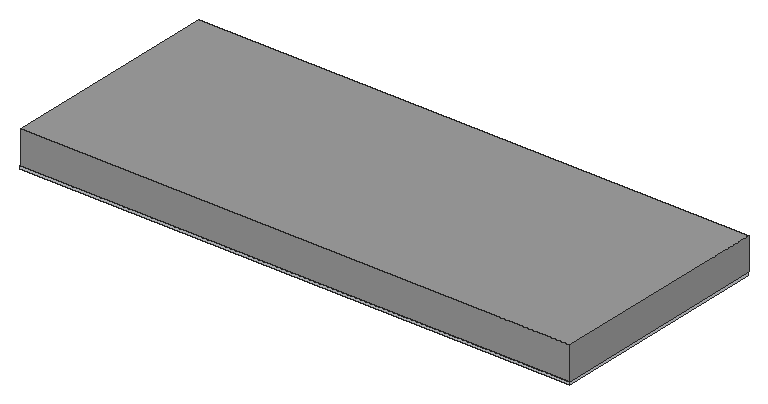
Revit family "Formula65 kombi LED Sentr.(takmontasje)", category Lighting Fixtures, Revit 2013
Parameters (values of type "MarkeringsLys (Venstre)")
  Width = 10 mm
  Wattage Comments = "17 W"
  Wattage = 9.2903 W
  built-in parameter 1150110 = 1 (stored number, unit not read)
  Voltage = 230 V
  URL = ""
  built-in parameter 1114217 = 1 (stored number, unit not read)
  Tilt Angle = 90.00°
  built-in parameter 1150109 = 1 (stored number, unit not read)
  built-in parameter 1150134 = 3
  Symbol Positive Direction [instance] = yes
  Symbol Offset Side [instance] = 0 mm
  Symbol Offset Out [instance] = 0 mm
  built-in parameter 1150113 = 1 (stored number, unit not read)
  Reference Line Out [instance] = 50 mm
  MarkeringsLys Venstre = yes
  MarkeringsLys Opp = no
  MarkeringsLys Ned = no
  MarkeringsLys 45 Opp mot venstre = no
  MarkeringsLys Høyre = no
  MarkeringsLys 45 Opp mot høyre = no
  MarkeringsLys 45 Ned mot venstre = no
  MarkeringsLys 45 Ned mot høyre = no
  ML = yes
  LedeLys = no
  Height = 152 mm
  Length = 375 mm
  Photometric Web File = "20x42A12.ies"
  Number of Poles = 1
  built-in parameter 1150105 = 109.82 (stored number, unit not read)
  Lumens = 1380 lm
  built-in parameter 1150115 = 1 (stored number, unit not read)
  Load Classification [instance] = Other
  Model = ""
  Manufacturer = ""
  built-in parameter 1150137 = (empty or 0)
  built-in parameter 1150139 = (empty or 0)
  built-in parameter 1150112 = 1 (stored number, unit not read)
  built-in parameter 1150114 = 1 (stored number, unit not read)
  Lamp = "1"
  built-in parameter 1150132 = (empty or 0)
  built-in parameter 1150102 = (empty or 0)
  built-in parameter 1150107 = 3200 (stored number, unit not read)
  built-in parameter 1150138 = (empty or 0)
  built-in parameter 1150106 = 1.0982 (stored number, unit not read)
  Emit from Rectangle Width = Height  # 152 mm
  Emit from Rectangle Length = Length  # 375 mm
  Emit Shape Visible in Rendering = no
  built-in parameter 1150104 = 13.8 (stored number, unit not read)
  Dimming Lamp Color Temperature Shift = <None>
  Description = ""
  Color Filter = 16777215
  Body Material and Colour = Default
  built-in parameter 1114218 = 1 (stored number, unit not read)
  built-in parameter 1150133 = 10 (stored number, unit not read)
  Assembly Code = ""
  Apparent Load = 17 VA
Types (9, lengths in mm): name | MarkeringsLys Venstre | MarkeringsLys Opp | MarkeringsLys Ned | MarkeringsLys 45 Opp mot venstre | MarkeringsLys Høyre | MarkeringsLys 45 Opp mot høyre | MarkeringsLys 45 Ned mot venstre | MarkeringsLys 45 Ned mot høyre | ML | LedeLys
  LedeLys | no | no | no | no | no | no | no | no | no | yes
  MarkeringsLys (Høyre) | no | no | no | no | yes | no | no | no | yes | no
  MarkeringsLys (Venstre) | yes | no | no | no | no | no | no | no | yes | no
  MarkeringsLys (45 Ned mot høyre) | no | no | no | no | no | no | no | yes | yes | no
  MarkeringsLys (45 Ned mot venstre) | no | no | no | no | no | no | yes | no | yes | no
  MarkeringsLys (45 Opp mot høyre) | no | no | no | no | no | yes | no | no | yes | no
  MarkeringsLys (45 Opp mot venstre) | no | no | no | yes | no | no | no | no | yes | no
  MarkeringsLys (Opp) | no | yes | no | no | no | no | no | no | yes | no
  MarkeringsLys (Ned) | no | no | yes | no | no | no | no | no | yes | no
Reference planes
  plane 1 "Light Source Axis (F/B)": y = 119.961
  plane 2 "Top": z = 83
  plane 3 "Light Source Axis (L/R)": x = 0
  plane 4 "Level": z = 0
  plane 5: x = -160
  plane 6: x = 160
  plane 7: y = 43.961
  plane 8: x = -187.5
  plane 9: y = 195.961
  plane 10: x = 187.5
  plane 11: z = -22.5
  plane 12: z = -24.5
Forms (mm)
  Extrusion 1, solid, material "Default" <- "Body Material and Colour"
    sketch origin (0, 0, 0) x (1, 0, 0) y (0, 1, 0)
      loop
        line (-187.5, 195.961) -> (-187.5, 43.961) -> (187.5, 43.961) -> (187.5, 195.961) -> (-187.5, 195.961)
    from -22.5 to 0
  Extrusion 2, solid
    sketch origin (0, 0, 0) x (1, 0, 0) y (0, 1, 0)
      loop
        line (-187.5, 195.961) -> (-187.5, 43.961) -> (187.5, 43.961) -> (187.5, 195.961) -> (-187.5, 195.961)
      loop
        line (160, 189.961) -> (-160, 189.961) -> (-160, 49.961) -> (160, 49.961) -> (160, 189.961)
    from -24.5 to -22.5
Lines and regions (mm)
  model lines, style "InvisibleLines"
    curve 1: line (0, 119.961, 0) -> (0, 169.961, 0)
Dimensions and locks
  equal spacing: plane 5, plane 3 "Light Source Axis (L/R)", plane 6
  locked: plane 5 to plane 6 at 320
  "Reference Line Out": plane 1 "Light Source Axis (F/B)" to curve 1
  equal spacing: plane 8, plane 3 "Light Source Axis (L/R)", plane 10
  "Length": plane 8 to plane 10
  equal spacing: plane 9, plane 1 "Light Source Axis (F/B)", plane 7
  "Height": plane 9 to plane 7
  locked: plane 4 "Level" to plane 11 at 22.5
  locked: plane 11 to plane 12 at 2
  aligned and locked: plane 4 "Level" to level
  aligned and locked: plane 3 "Light Source Axis (L/R)" to nested 1
  aligned and locked: plane 1 "Light Source Axis (F/B)" to nested 1
  aligned and locked: imposter light to plane 3 "Light Source Axis (L/R)"
  aligned and locked: plane 1 "Light Source Axis (F/B)" to curve 1
  aligned and locked: plane 3 "Light Source Axis (L/R)" to curve 1
  aligned and locked: Extrusion 1 sketch curve to plane 9
  aligned and locked: plane 8 to Extrusion 1 sketch curve
  aligned and locked: plane 7 to Extrusion 1 sketch curve
  aligned and locked: Extrusion 1 sketch curve to plane 10
  aligned and locked: Extrusion 1 to plane 11
  aligned and locked: Extrusion 1 to plane 4 "Level"
  aligned and locked: Extrusion 2 sketch curve to plane 9
  aligned and locked: Extrusion 2 sketch curve to plane 8
  aligned and locked: Extrusion 2 sketch curve to plane 10
  aligned and locked: Extrusion 2 sketch curve to plane 7
  aligned and locked: plane 11 to Extrusion 2
  aligned and locked: Extrusion 2 to plane 12
  aligned and locked: imposter light to plane 12
  aligned and locked: imposter light to plane 1 "Light Source Axis (F/B)"
  aligned and locked: plane 3 "Light Source Axis (L/R)" to nested 2
  aligned and locked: plane 1 "Light Source Axis (F/B)" to nested 2
  aligned and locked: plane 11 to nested 4
  aligned and locked: plane 11 to nested 3
  aligned and locked: plane 11 to nested 5
  aligned and locked: plane 11 to nested 6
  aligned and locked: plane 11 to nested 7
  aligned and locked: plane 11 to nested 8
  aligned and locked: plane 11 to nested 9
  aligned and locked: plane 11 to nested 10
  aligned and locked: nested 9 to plane 1 "Light Source Axis (F/B)"
  aligned and locked: nested 9 to plane 3 "Light Source Axis (L/R)"
  aligned and locked: nested 8 to plane 1 "Light Source Axis (F/B)"
  aligned and locked: nested 8 to plane 3 "Light Source Axis (L/R)"
  aligned and locked: nested 10 to plane 1 "Light Source Axis (F/B)"
  aligned and locked: nested 10 to plane 3 "Light Source Axis (L/R)"
  aligned and locked: nested 7 to plane 1 "Light Source Axis (F/B)"
  aligned and locked: nested 7 to plane 3 "Light Source Axis (L/R)"
  aligned and locked: nested 3 to plane 1 "Light Source Axis (F/B)"
  aligned and locked: nested 3 to plane 3 "Light Source Axis (L/R)"
  aligned and locked: nested 5 to plane 1 "Light Source Axis (F/B)"
  aligned and locked: nested 5 to plane 3 "Light Source Axis (L/R)"
  aligned and locked: nested 6 to plane 1 "Light Source Axis (F/B)"
  aligned and locked: nested 6 to plane 3 "Light Source Axis (L/R)"
  aligned and locked: nested 4 to plane 1 "Light Source Axis (F/B)"
  aligned and locked: nested 4 to plane 3 "Light Source Axis (L/R)"
Automatic sketch dimensions
  Extrusion 2 sketch curve to plane 5 = 0 mm
  Extrusion 2 sketch curve to plane 6 = 0 mm
  plane 7 to Extrusion 2 sketch curve = 6 mm
  Extrusion 2 sketch curve to plane 9 = 6 mm
Nested families
  nested 1: "LedelysS" at (0, 119.961, 0), visible <- "LedeLys", type "Type 1"
  nested 2: "MarkeringslysS" at (0, 119.961, 0), visible <- "ML", type "Type 1"
  nested 3: "Formula 65_venstre tak" at (0, 119.961, -22.5) x (-1, 0, 0) z (0, 0, 1), type "Formula 65"
  nested 4: "Formula 65_høyre tak" at (0, 119.961, -22.5) x (-1, 0, 0) z (0, 0, 1), type "Formula 65"
  nested 5: "Formula 65_ned tak" at (0, 119.961, -22.5) x (-1, 0, 0) z (0, 0, 1), type "Formula 65"
  nested 6: "Formula 65_opp tak" at (0, 119.961, -22.5) x (-1, 0, 0) z (0, 0, 1), type "Formula 65"
  nested 7: "Formula 65_skrått 45 grader opp mot høyre tak" at (0, 119.961, -22.5) x (-1, 0, 0) z (0, 0, 1), type "Formula 65"
  nested 8: "Formula 65_skrått 45 grader ned mot høyre tak" at (0, 119.961, -22.5) x (-1, 0, 0) z (0, 0, 1), type "Formula 65"
  nested 9: "Formula 65_skrått 45 grader ned mot venstre tak" at (0, 119.961, -22.5) x (-1, 0, 0) z (0, 0, 1), type "Formula 65"
  nested 10: "Formula 65_skrått 45 grader opp mot venstre tak" at (0, 119.961, -22.5) x (-1, 0, 0) z (0, 0, 1), type "Formula 65"
Connectors
  electrical at (0, 119.961, 0), driven by "Number of Poles", driven by "Load Classification", driven by "Voltage", driven by "Apparent Load"
    settings: on Extrusion 1, index 1, voltage 230 V, apparent load 0 VA, apparent load phase1 17 VA, apparent load phase2 0 VA, apparent load phase3 0 VA, power factor 1, load classification "Other", number of poles 1, system type 31, power factor state 1, is connector primary yes, connector utility no, sub classification motor no, connector description ""
Definition of nested family "Formula 65_venstre tak"
  Parameters (values of type "Formula 65")
    L = 205 mm
    Venstre = yes
    H = 135 mm
  Reference planes
    plane 1 "Center (Front/Back)": y = 0
    plane 2: z = 0
    plane 3 "Center (Left/Right)": x = 0
    plane 4: z = -18.775
  Forms (mm)
    Extrusion 1, solid, material "Green", visible <- "Venstre"
      sketch origin (-453.48, -246.5, -2) x (0, 1, 0) y (-1, 0, 0)
        loop
          line (316.5, -293.48) -> (176.5, -293.48) -> (176.5, -613.48) -> (316.5, -613.48) -> (316.5, -293.48)
        loop
          line (220.604, -549.888) -> (246.5, -575.784) -> (272.396, -549.888) -> (272.396, -534.35) -> (254.269, -552.477) -> (254.269, -475.784) -> (238.731, -475.784) -> (238.731, -552.477) -> (220.604, -534.35) -> (220.604, -549.888)
        loop
          circle (291.37, -412.087) r 8.367
        loop
          line (276.653, -405.234) -> (282.281, -398.528) -> (274.454, -358.336) -> (258.942, -348.262)
          arc (258.942, -348.262) -> (257.198, -347.939) -> (255.736, -348.943) r 2.318
          line (255.736, -348.943) -> (253.998, -351.62)
          arc (253.998, -351.62) -> (253.688, -353.423) -> (254.783, -354.889) r 2.318
          line (254.783, -354.889) -> (267.323, -362.129) -> (271.237, -382.229) -> (237.542, -362.775) -> (237.542, -342.732)
          arc (237.542, -342.732) -> (236.411, -340.001) -> (233.68, -338.869) r 3.863
          line (233.68, -338.869) -> (229.817, -338.869)
          arc (229.817, -338.869) -> (227.086, -340.001) -> (225.955, -342.732) r 3.863
          line (225.955, -342.732) -> (225.955, -382.846) -> (236.644, -389.017) -> (230.107, -396.807) -> (198.633, -396.807)
          arc (198.633, -396.807) -> (195.901, -397.939) -> (194.77, -400.67) r 3.863
          line (194.77, -400.67) -> (194.77, -404.532)
          arc (194.77, -404.532) -> (195.901, -407.264) -> (198.633, -408.395) r 3.863
          line (198.633, -408.395) -> (235.51, -408.395) -> (246.833, -394.9) -> (257.023, -400.783) -> (246.243, -413.631)
          arc (246.243, -413.631) -> (245.709, -415.323) -> (246.528, -416.896) r 2.318
          line (246.528, -416.896) -> (248.895, -418.882)
          arc (248.895, -418.882) -> (250.587, -419.416) -> (252.16, -418.597) r 2.318
          line (252.16, -418.597) -> (263.817, -404.705) -> (272.29, -409.597) -> (276.653, -405.234)
      from 0 to 2
  Dimensions and locks
    Extrusion 1 to Extrusion 1 = 140 mm
    aligned and locked: level to plane 2
Definition of nested family "LedelysS"
  Parameters (values of type "Type 1")
    CQ Symbol Positive Direction = yes
    CQ Symbol Negative Direction = not(CQ Symbol Positive Direction)  # no
    CQ Symbol Offset Side = 0 mm
    CQ Symbol Offset Out = 0 mm
  Reference planes
    plane 1: y = 0
    plane 2: x = 0
  Dimensions and locks
    "CQ Symbol Offset Out": plane 1 to nested 1
    "CQ Symbol Offset Out": plane 1 to nested 2
    "CQ Symbol Offset Side": plane 2 to nested 2
    "CQ Symbol Offset Side": nested 1 to plane 2
  Nested families
    nested 1: "LedelysSub" at (0, 0, 0), visible <- "CQ Symbol Negative Direction", type "Type 1"
    nested 2: "LedelysSub" at (0, 0, 0), visible <- "CQ Symbol Positive Direction", type "Type 1"
  Definition of nested family "LedelysSub"
    Reference planes
      plane 1: y = 0
      plane 2: x = 0
    Lines and regions (mm)
      detail lines
        curve 1: line (-4, -2, 0) -> (4, -2, 0)
        curve 2: line (4, -2, 0) -> (4, 2, 0)
        curve 3: line (4, 2, 0) -> (-4, 2, 0)
        curve 4: line (-4, 2, 0) -> (-4, -2, 0)
        curve 5: line (-3.097, -1.25, 0) -> (-0.597, 1.25, 0)
        curve 6: line (-3.097, 1.25, 0) -> (-0.597, -1.25, 0)
        curve 7: circle (-1.847, 0, 0) r 1.2 normal (0, 0, 1)
    Text (mm)
      text "LL" at (2.179, 1.025, 0)
Definition of nested family "MarkeringslysS"
  Parameters (values of type "Type 1")
    CQ Symbol Positive Direction = yes
    CQ Symbol Negative Direction = not(CQ Symbol Positive Direction)  # no
    CQ Symbol Offset Side = 0 mm
    CQ Symbol Offset Out = 0 mm
  Reference planes
    plane 1: y = 0
    plane 2: x = 0
  Dimensions and locks
    "CQ Symbol Offset Out": plane 1 to nested 1
    "CQ Symbol Offset Out": plane 1 to nested 2
    "CQ Symbol Offset Side": plane 2 to nested 2
    "CQ Symbol Offset Side": nested 1 to plane 2
  Nested families
    nested 1: "MarkeringslysSub" at (0, 0, 0), visible <- "CQ Symbol Negative Direction", type "Type 1"
    nested 2: "MarkeringslysSub" at (0, 0, 0), visible <- "CQ Symbol Positive Direction", type "Type 1"
  Definition of nested family "MarkeringslysSub"
    Reference planes
      plane 1: y = 0
      plane 2: x = 0
    Lines and regions (mm)
      Filled region 1, type "Filled region 1"
        outline origin (64.576, 51.459, 0) x (1, 0, 0) y (0, 1, 0)
          loop
            arc (-65.575, -52.307) -> (-65.224, -51.459) -> (-65.575, -50.61) r 1.2
            line (-65.575, -50.61) -> (-66.424, -51.459) -> (-65.575, -52.307)
      Filled region 2, type "Filled region 1"
        outline origin (-68.271, 51.459, 0) x (0, 1, 0) y (-1, 0, 0)
          loop
            line (-52.307, -65.575) -> (-51.459, -66.424) -> (-50.61, -65.575)
            arc (-50.61, -65.575) -> (-51.459, -65.224) -> (-52.307, -65.575) r 1.2
      detail lines
        curve 1: line (-4, -2, 0) -> (4, -2, 0)
        curve 2: line (4, -2, 0) -> (4, 2, 0)
        curve 3: line (4, 2, 0) -> (-4, 2, 0)
        curve 4: line (-4, 2, 0) -> (-4, -2, 0)
        curve 5: line (-3.097, -1.25, 0) -> (-0.597, 1.25, 0)
        curve 6: line (-3.097, 1.25, 0) -> (-0.597, -1.25, 0)
        curve 7: circle (-1.847, 0, 0) r 1.2 normal (0, 0, 1)
    Text (mm)
      text "ML" at (2.179, 1.025, 0)
    Dimensions and locks
      aligned and locked: Filled region 1 sketch curve to curve 7
Definition of nested family "Formula 65_høyre tak"
  Parameters (values of type "Formula 65")
    Høyre = no
    L = 205 mm
    H = 135 mm
  Reference planes
    plane 1 "Center (Front/Back)": y = 0
    plane 2: z = 0
    plane 3 "Center (Left/Right)": x = 0
    plane 4: z = -18.775
  Forms (mm)
    Extrusion 1, solid, material "Green", visible <- "Høyre"
      sketch origin (-453.48, -246.5, -2) x (0, 1, 0) y (-1, 0, 0)
        loop
          line (316.5, -293.48) -> (176.5, -293.48) -> (176.5, -613.48) -> (316.5, -613.48) -> (316.5, -293.48)
        loop
          line (220.604, -357.071) -> (220.604, -372.609) -> (238.731, -354.482) -> (238.731, -431.175) -> (254.269, -431.175) -> (254.269, -354.482) -> (272.396, -372.609) -> (272.396, -357.071) -> (246.5, -331.175) -> (220.604, -357.071)
        loop
          circle (291.37, -494.872) r 8.367
        loop
          line (276.653, -501.725) -> (272.29, -497.362) -> (263.817, -502.254) -> (252.16, -488.362)
          arc (252.16, -488.362) -> (250.587, -487.543) -> (248.895, -488.077) r 2.318
          line (248.895, -488.077) -> (246.528, -490.063)
          arc (246.528, -490.063) -> (245.709, -491.636) -> (246.243, -493.328) r 2.318
          line (246.243, -493.328) -> (257.023, -506.176) -> (246.833, -512.059) -> (235.51, -498.564) -> (198.633, -498.564)
          arc (198.633, -498.564) -> (195.901, -499.696) -> (194.77, -502.427) r 3.863
          line (194.77, -502.427) -> (194.77, -506.289)
          arc (194.77, -506.289) -> (195.901, -509.021) -> (198.633, -510.152) r 3.863
          line (198.633, -510.152) -> (230.107, -510.152) -> (236.644, -517.942) -> (225.955, -524.113) -> (225.955, -564.227)
          arc (225.955, -564.227) -> (227.086, -566.958) -> (229.817, -568.09) r 3.863
          line (229.817, -568.09) -> (233.68, -568.09)
          arc (233.68, -568.09) -> (236.411, -566.958) -> (237.542, -564.227) r 3.863
          line (237.542, -564.227) -> (237.542, -544.184) -> (271.237, -524.73) -> (267.323, -544.83) -> (254.783, -552.07)
          arc (254.783, -552.07) -> (253.688, -553.536) -> (253.998, -555.339) r 2.318
          line (253.998, -555.339) -> (255.736, -558.016)
          arc (255.736, -558.016) -> (257.198, -559.02) -> (258.942, -558.697) r 2.318
          line (258.942, -558.697) -> (274.454, -548.623) -> (282.281, -508.431) -> (276.653, -501.725)
      from 0 to 2
  Dimensions and locks
    Extrusion 1 to Extrusion 1 = 140 mm
    aligned and locked: level to plane 2
Definition of nested family "Formula 65_ned tak"
  Parameters (values of type "Formula 65")
    Ned = no
    L = 205 mm
    H = 135 mm
  Reference planes
    plane 1 "Center (Front/Back)": y = 0
    plane 2: z = 0
    plane 3 "Center (Left/Right)": x = 0
    plane 4: z = -18.775
  Forms (mm)
    Extrusion 1, solid, material "Green", visible <- "Ned"
      sketch origin (-453.48, -246.5, -2) x (0, 1, 0) y (-1, 0, 0)
        loop
          line (316.5, -293.48) -> (176.5, -293.48) -> (176.5, -613.48) -> (316.5, -613.48) -> (316.5, -293.48)
        loop
          line (222.396, -507.583) -> (196.5, -533.48) -> (222.396, -559.376) -> (237.934, -559.376) -> (219.807, -541.248) -> (296.5, -541.248) -> (296.5, -525.711) -> (219.807, -525.711) -> (237.934, -507.583) -> (222.396, -507.583)
        loop
          circle (291.37, -412.087) r 8.367
        loop
          line (276.653, -405.234) -> (282.281, -398.528) -> (274.454, -358.336) -> (258.942, -348.262)
          arc (258.942, -348.262) -> (257.198, -347.939) -> (255.736, -348.943) r 2.318
          line (255.736, -348.943) -> (253.998, -351.62)
          arc (253.998, -351.62) -> (253.688, -353.423) -> (254.783, -354.889) r 2.318
          line (254.783, -354.889) -> (267.323, -362.129) -> (271.237, -382.229) -> (237.542, -362.775) -> (237.542, -342.732)
          arc (237.542, -342.732) -> (236.411, -340.001) -> (233.68, -338.869) r 3.863
          line (233.68, -338.869) -> (229.817, -338.869)
          arc (229.817, -338.869) -> (227.086, -340.001) -> (225.955, -342.732) r 3.863
          line (225.955, -342.732) -> (225.955, -382.846) -> (236.644, -389.017) -> (230.107, -396.807) -> (198.633, -396.807)
          arc (198.633, -396.807) -> (195.901, -397.939) -> (194.77, -400.67) r 3.863
          line (194.77, -400.67) -> (194.77, -404.532)
          arc (194.77, -404.532) -> (195.901, -407.264) -> (198.633, -408.395) r 3.863
          line (198.633, -408.395) -> (235.51, -408.395) -> (246.833, -394.9) -> (257.023, -400.783) -> (246.243, -413.631)
          arc (246.243, -413.631) -> (245.709, -415.323) -> (246.528, -416.896) r 2.318
          line (246.528, -416.896) -> (248.895, -418.882)
          arc (248.895, -418.882) -> (250.587, -419.416) -> (252.16, -418.597) r 2.318
          line (252.16, -418.597) -> (263.817, -404.705) -> (272.29, -409.597) -> (276.653, -405.234)
      from 0 to 2
  Dimensions and locks
    Extrusion 1 to Extrusion 1 = 140 mm
    aligned and locked: level to plane 2
Definition of nested family "Formula 65_opp tak"
  Parameters (values of type "Formula 65")
    Opp = no
    L = 205 mm
    H = 135 mm
  Reference planes
    plane 1 "Center (Front/Back)": y = 0
    plane 2: z = 0
    plane 3 "Center (Left/Right)": x = 0
    plane 4: z = -18.775
  Forms (mm)
    Extrusion 1, solid, material "Green", visible <- "Opp"
      sketch origin (-453.48, -246.5, -2) x (0, 1, 0) y (-1, 0, 0)
        loop
          line (316.5, -293.48) -> (176.5, -293.48) -> (176.5, -613.48) -> (316.5, -613.48) -> (316.5, -293.48)
        loop
          circle (291.37, -412.087) r 8.367
        loop
          line (276.653, -405.234) -> (282.281, -398.528) -> (274.454, -358.336) -> (258.942, -348.262)
          arc (258.942, -348.262) -> (257.198, -347.939) -> (255.736, -348.943) r 2.318
          line (255.736, -348.943) -> (253.998, -351.62)
          arc (253.998, -351.62) -> (253.688, -353.423) -> (254.783, -354.889) r 2.318
          line (254.783, -354.889) -> (267.323, -362.129) -> (271.237, -382.229) -> (237.542, -362.775) -> (237.542, -342.732)
          arc (237.542, -342.732) -> (236.411, -340.001) -> (233.68, -338.869) r 3.863
          line (233.68, -338.869) -> (229.817, -338.869)
          arc (229.817, -338.869) -> (227.086, -340.001) -> (225.955, -342.732) r 3.863
          line (225.955, -342.732) -> (225.955, -382.846) -> (236.644, -389.017) -> (230.107, -396.807) -> (198.633, -396.807)
          arc (198.633, -396.807) -> (195.901, -397.939) -> (194.77, -400.67) r 3.863
          line (194.77, -400.67) -> (194.77, -404.532)
          arc (194.77, -404.532) -> (195.901, -407.264) -> (198.633, -408.395) r 3.863
          line (198.633, -408.395) -> (235.51, -408.395) -> (246.833, -394.9) -> (257.023, -400.783) -> (246.243, -413.631)
          arc (246.243, -413.631) -> (245.709, -415.323) -> (246.528, -416.896) r 2.318
          line (246.528, -416.896) -> (248.895, -418.882)
          arc (248.895, -418.882) -> (250.587, -419.416) -> (252.16, -418.597) r 2.318
          line (252.16, -418.597) -> (263.817, -404.705) -> (272.29, -409.597) -> (276.653, -405.234)
        loop
          line (270.604, -507.583) -> (255.066, -507.583) -> (273.193, -525.711) -> (196.5, -525.711) -> (196.5, -541.248) -> (273.193, -541.248) -> (255.066, -559.376) -> (270.604, -559.376) -> (296.5, -533.48) -> (270.604, -507.583)
      from 0 to 2
  Dimensions and locks
    Extrusion 1 to Extrusion 1 = 140 mm
    aligned and locked: level to plane 2
Definition of nested family "Formula 65_skrått 45 grader opp mot høyre tak"
  Parameters (values of type "Formula 65")
    45 opp mot høyre = no
    L = 205 mm
    H = 135 mm
  Reference planes
    plane 1 "Center (Front/Back)": y = 0
    plane 2: z = 0
    plane 3 "Center (Left/Right)": x = 0
    plane 4: z = -18.775
  Forms (mm)
    Extrusion 1, solid, material "Green", visible <- "45 opp mot høyre"
      sketch origin (-453.48, -246.5, -2) x (0, 1, 0) y (-1, 0, 0)
        loop
          line (316.5, -293.48) -> (176.5, -293.48) -> (176.5, -613.48) -> (316.5, -613.48) -> (316.5, -293.48)
        loop
          line (245.232, -333.32) -> (234.245, -344.307) -> (259.882, -344.307) -> (205.651, -398.537) -> (216.638, -409.524) -> (270.868, -355.294) -> (270.868, -380.93) -> (281.855, -369.943) -> (281.855, -333.32) -> (245.232, -333.32)
        loop
          circle (291.37, -494.872) r 8.367
        loop
          line (276.653, -501.725) -> (272.29, -497.362) -> (263.817, -502.254) -> (252.16, -488.362)
          arc (252.16, -488.362) -> (250.587, -487.543) -> (248.895, -488.077) r 2.318
          line (248.895, -488.077) -> (246.528, -490.063)
          arc (246.528, -490.063) -> (245.709, -491.636) -> (246.243, -493.328) r 2.318
          line (246.243, -493.328) -> (257.023, -506.176) -> (246.833, -512.059) -> (235.51, -498.564) -> (198.633, -498.564)
          arc (198.633, -498.564) -> (195.901, -499.696) -> (194.77, -502.427) r 3.863
          line (194.77, -502.427) -> (194.77, -506.289)
          arc (194.77, -506.289) -> (195.901, -509.021) -> (198.633, -510.152) r 3.863
          line (198.633, -510.152) -> (230.107, -510.152) -> (236.644, -517.942) -> (225.955, -524.113) -> (225.955, -564.227)
          arc (225.955, -564.227) -> (227.086, -566.958) -> (229.817, -568.09) r 3.863
          line (229.817, -568.09) -> (233.68, -568.09)
          arc (233.68, -568.09) -> (236.411, -566.958) -> (237.542, -564.227) r 3.863
          line (237.542, -564.227) -> (237.542, -544.184) -> (271.237, -524.73) -> (267.323, -544.83) -> (254.783, -552.07)
          arc (254.783, -552.07) -> (253.688, -553.536) -> (253.998, -555.339) r 2.318
          line (253.998, -555.339) -> (255.736, -558.016)
          arc (255.736, -558.016) -> (257.198, -559.02) -> (258.942, -558.697) r 2.318
          line (258.942, -558.697) -> (274.454, -548.623) -> (282.281, -508.431) -> (276.653, -501.725)
      from 0 to 2
  Dimensions and locks
    Extrusion 1 to Extrusion 1 = 140 mm
    aligned and locked: level to plane 2
Definition of nested family "Formula 65_skrått 45 grader ned mot høyre tak"
  Parameters (values of type "Formula 65")
    45 ned mot høyre = no
    L = 205 mm
    H = 135 mm
  Reference planes
    plane 1 "Center (Front/Back)": y = 0
    plane 2: z = 0
    plane 3 "Center (Left/Right)": x = 0
    plane 4: z = -18.775
  Forms (mm)
    Extrusion 1, solid, material "Green", visible <- "45 ned mot høyre"
      sketch origin (-453.48, -246.5, -2) x (0, 1, 0) y (-1, 0, 0)
        loop
          line (316.5, -293.48) -> (176.5, -293.48) -> (176.5, -613.48) -> (316.5, -613.48) -> (316.5, -293.48)
        loop
          circle (291.37, -494.872) r 8.367
        loop
          line (276.653, -501.725) -> (272.29, -497.362) -> (263.817, -502.254) -> (252.16, -488.362)
          arc (252.16, -488.362) -> (250.587, -487.543) -> (248.895, -488.077) r 2.318
          line (248.895, -488.077) -> (246.528, -490.063)
          arc (246.528, -490.063) -> (245.709, -491.636) -> (246.243, -493.328) r 2.318
          line (246.243, -493.328) -> (257.023, -506.176) -> (246.833, -512.059) -> (235.51, -498.564) -> (198.633, -498.564)
          arc (198.633, -498.564) -> (195.901, -499.696) -> (194.77, -502.427) r 3.863
          line (194.77, -502.427) -> (194.77, -506.289)
          arc (194.77, -506.289) -> (195.901, -509.021) -> (198.633, -510.152) r 3.863
          line (198.633, -510.152) -> (230.107, -510.152) -> (236.644, -517.942) -> (225.955, -524.113) -> (225.955, -564.227)
          arc (225.955, -564.227) -> (227.086, -566.958) -> (229.817, -568.09) r 3.863
          line (229.817, -568.09) -> (233.68, -568.09)
          arc (233.68, -568.09) -> (236.411, -566.958) -> (237.542, -564.227) r 3.863
          line (237.542, -564.227) -> (237.542, -544.184) -> (271.237, -524.73) -> (267.323, -544.83) -> (254.783, -552.07)
          arc (254.783, -552.07) -> (253.688, -553.536) -> (253.998, -555.339) r 2.318
          line (253.998, -555.339) -> (255.736, -558.016)
          arc (255.736, -558.016) -> (257.198, -559.02) -> (258.942, -558.697) r 2.318
          line (258.942, -558.697) -> (274.454, -548.623) -> (282.281, -508.431) -> (276.653, -501.725)
        loop
          line (247.768, -333.32) -> (211.145, -333.32) -> (211.145, -369.943) -> (222.132, -380.93) -> (222.132, -355.294) -> (276.362, -409.524) -> (287.349, -398.537) -> (233.119, -344.307) -> (258.755, -344.307) -> (247.768, -333.32)
      from 0 to 2
  Dimensions and locks
    Extrusion 1 to Extrusion 1 = 140 mm
    aligned and locked: level to plane 2
Definition of nested family "Formula 65_skrått 45 grader ned mot venstre tak"
  Parameters (values of type "Formula 65")
    45 ned mot venstre = no
    L = 205 mm
    H = 135 mm
  Reference planes
    plane 1 "Center (Front/Back)": y = 0
    plane 2: z = 0
    plane 3 "Center (Left/Right)": x = 0
    plane 4: z = -18.775
  Forms (mm)
    Extrusion 1, solid, material "Green", visible <- "45 ned mot venstre"
      sketch origin (-453.48, -246.5, -2) x (0, 1, 0) y (-1, 0, 0)
        loop
          line (316.5, -293.48) -> (176.5, -293.48) -> (176.5, -613.48) -> (316.5, -613.48) -> (316.5, -293.48)
        loop
          circle (291.37, -412.087) r 8.367
        loop
          line (276.653, -405.234) -> (282.281, -398.528) -> (274.454, -358.336) -> (258.942, -348.262)
          arc (258.942, -348.262) -> (257.198, -347.939) -> (255.736, -348.943) r 2.318
          line (255.736, -348.943) -> (253.998, -351.62)
          arc (253.998, -351.62) -> (253.688, -353.423) -> (254.783, -354.889) r 2.318
          line (254.783, -354.889) -> (267.323, -362.129) -> (271.237, -382.229) -> (237.542, -362.775) -> (237.542, -342.732)
          arc (237.542, -342.732) -> (236.411, -340.001) -> (233.68, -338.869) r 3.863
          line (233.68, -338.869) -> (229.817, -338.869)
          arc (229.817, -338.869) -> (227.086, -340.001) -> (225.955, -342.732) r 3.863
          line (225.955, -342.732) -> (225.955, -382.846) -> (236.644, -389.017) -> (230.107, -396.807) -> (198.633, -396.807)
          arc (198.633, -396.807) -> (195.901, -397.939) -> (194.77, -400.67) r 3.863
          line (194.77, -400.67) -> (194.77, -404.532)
          arc (194.77, -404.532) -> (195.901, -407.264) -> (198.633, -408.395) r 3.863
          line (198.633, -408.395) -> (235.51, -408.395) -> (246.833, -394.9) -> (257.023, -400.783) -> (246.243, -413.631)
          arc (246.243, -413.631) -> (245.709, -415.323) -> (246.528, -416.896) r 2.318
          line (246.528, -416.896) -> (248.895, -418.882)
          arc (248.895, -418.882) -> (250.587, -419.416) -> (252.16, -418.597) r 2.318
          line (252.16, -418.597) -> (263.817, -404.705) -> (272.29, -409.597) -> (276.653, -405.234)
        loop
          line (247.768, -573.639) -> (258.755, -562.652) -> (233.119, -562.652) -> (287.349, -508.422) -> (276.362, -497.435) -> (222.132, -551.666) -> (222.132, -526.029) -> (211.145, -537.016) -> (211.145, -573.639) -> (247.768, -573.639)
      from 0 to 2
  Dimensions and locks
    Extrusion 1 to Extrusion 1 = 140 mm
    aligned and locked: level to plane 2
Definition of nested family "Formula 65_skrått 45 grader opp mot venstre tak"
  Parameters (values of type "Formula 65")
    45 opp mot venstre = no
    L = 205 mm
    H = 135 mm
  Reference planes
    plane 1 "Center (Front/Back)": y = 0
    plane 2: z = 0
    plane 3 "Center (Left/Right)": x = 0
    plane 4: z = -18.775
  Forms (mm)
    Extrusion 1, solid, material "Green", visible <- "45 opp mot venstre"
      sketch origin (-453.48, -246.5, -2) x (0, 1, 0) y (-1, 0, 0)
        loop
          line (316.5, -293.48) -> (176.5, -293.48) -> (176.5, -613.48) -> (316.5, -613.48) -> (316.5, -293.48)
        loop
          circle (291.37, -412.087) r 8.367
        loop
          line (276.653, -405.234) -> (282.281, -398.528) -> (274.454, -358.336) -> (258.942, -348.262)
          arc (258.942, -348.262) -> (257.198, -347.939) -> (255.736, -348.943) r 2.318
          line (255.736, -348.943) -> (253.998, -351.62)
          arc (253.998, -351.62) -> (253.688, -353.423) -> (254.783, -354.889) r 2.318
          line (254.783, -354.889) -> (267.323, -362.129) -> (271.237, -382.229) -> (237.542, -362.775) -> (237.542, -342.732)
          arc (237.542, -342.732) -> (236.411, -340.001) -> (233.68, -338.869) r 3.863
          line (233.68, -338.869) -> (229.817, -338.869)
          arc (229.817, -338.869) -> (227.086, -340.001) -> (225.955, -342.732) r 3.863
          line (225.955, -342.732) -> (225.955, -382.846) -> (236.644, -389.017) -> (230.107, -396.807) -> (198.633, -396.807)
          arc (198.633, -396.807) -> (195.901, -397.939) -> (194.77, -400.67) r 3.863
          line (194.77, -400.67) -> (194.77, -404.532)
          arc (194.77, -404.532) -> (195.901, -407.264) -> (198.633, -408.395) r 3.863
          line (198.633, -408.395) -> (235.51, -408.395) -> (246.833, -394.9) -> (257.023, -400.783) -> (246.243, -413.631)
          arc (246.243, -413.631) -> (245.709, -415.323) -> (246.528, -416.896) r 2.318
          line (246.528, -416.896) -> (248.895, -418.882)
          arc (248.895, -418.882) -> (250.587, -419.416) -> (252.16, -418.597) r 2.318
          line (252.16, -418.597) -> (263.817, -404.705) -> (272.29, -409.597) -> (276.653, -405.234)
        loop
          line (245.232, -573.639) -> (281.855, -573.639) -> (281.855, -537.016) -> (270.868, -526.029) -> (270.868, -551.666) -> (216.638, -497.435) -> (205.651, -508.422) -> (259.882, -562.652) -> (234.245, -562.652) -> (245.232, -573.639)
      from 0 to 2
  Dimensions and locks
    Extrusion 1 to Extrusion 1 = 140 mm
    aligned and locked: level to plane 2
